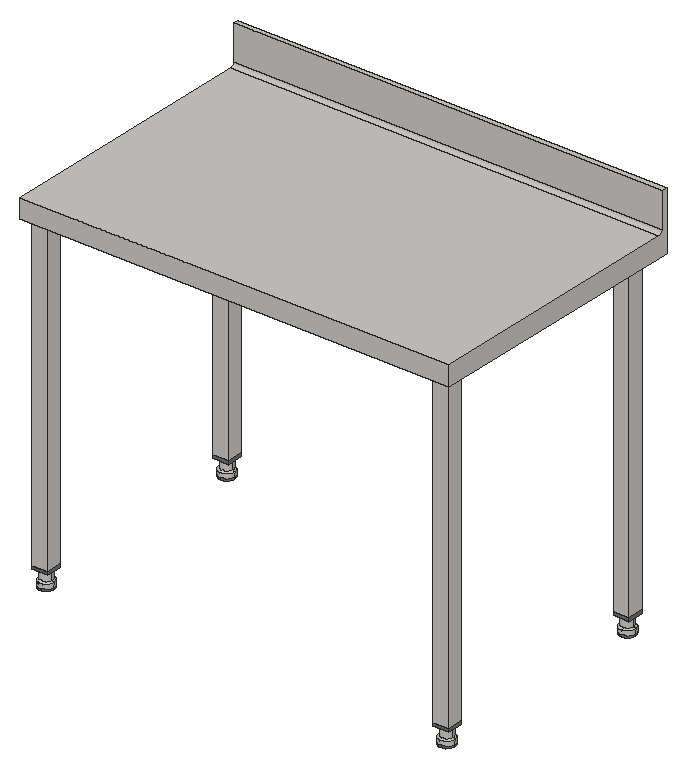
Revit family "QF_ZANUSSI_133232_TG1110N", category Attrezzature speciali, Revit 2020
Family settings
  Quota connettore circolare = Usa diametro
  Tipo di parte = Normale
  Basato su piano di lavoro = No
  Sempre verticale = Sì
  Taglio con vuoti quando caricato = No
  Condiviso = No
  Punto di calcolo locali = No
Parameters (values of type "Standard")
  Weight = 30.60 kg
  Watts = 0 W
  Volts = 0 V
  URL Manufacturer = "http://www.zanussiprofessional.com"
  URL = "http://www.zanussiprofessional.com"
  Steam Supply Size = 0 mm
  Steam Supply Minimum Pressure = 0.0 Pa
  Steam Supply Maximum Pressure = 0.0 Pa
  Steam Consumption per Hour = 0
  Refrigeration Suction Line Size = 0.0 mm
  Refrigeration Liquid Line Size = 0.0 mm
  Refrigerant Compressor Remote = yes
  Prospetto di default = 0.0 mm
  Produttore = "Zanussi"
  Phase = 0
  Modello = "TG1110N"
  Length Actual = 1100.0 mm  # constant formula
  Item Number = "133232"
  Hot Water Size = 0 mm
  Height Actual = 1000.0 mm  # constant formula
  HP = "0 HP"
  Gas Size = 0 mm
  Gas KW = 0
  Gas Input Pressure = 0 W
  Direct Waste Size = 0 mm
  Descrizione = "WORK TABLE WITH UPSTAND 1100 MM"
  Depth Actual = 700.0 mm  # constant formula
  Cycle = 0 Hz
  Condensate Return Size = 0 mm
  Compressed Air Volume = 0.0 L/s
  Compressed Air Size = 0 mm
  Compressed Air Pressure = 0.0 Pa
  Cold Water Size = 0 mm
  Accessory = yes
Reference planes
  plane 1 "Center (Front/Back)": y = 0
  plane 2: z = 0
  plane 3 "Center (Left/Right)": x = -50
  plane 4 "LEFT": x = -600
  plane 5 "RIGHT": x = 500
  plane 6 "BACK": y = 350
  plane 7 "FRONT": y = -350
  plane 8 "Base": z = 850
  plane 9 "TOP": z = 900
  plane 10: x = -564.5
  plane 11: x = 464.5
  plane 12: y = 269.5
  plane 13: y = -310.5
Forms (mm)
  Extrusion 1, solid, material "QF_Finishes_Stainless Steel"
    sketch origin (-50, 0, 0) x (0, 1, 0) y (0, 0, 1)
      loop
        line (-350, 850) -> (350, 850) -> (350, 1000) -> (337, 1000) -> (337, 910)
        arc (337, 910) -> (334.071, 902.929) -> (327, 900) r 10
        line (327, 900) -> (-350, 900) -> (-350, 850)
    from 550 to -550
Lines and regions (mm)
  symbolic lines
    curve 1: line (500, 350, 900) -> (-600, 350, 900)
    curve 2: line (-600, 350, 900) -> (-600, -350, 900)
    curve 3: line (-600, -350, 900) -> (500, -350, 900)
    curve 4: line (500, -350, 900) -> (500, 350, 900)
    curve 5: line (500, 337, 900) -> (-600, 337, 900)
Dimensions and locks
  plane 4 "LEFT" to plane 5 "RIGHT" = 1100.0 mm
  equal spacing: plane 4 "LEFT", plane 3 "Center (Left/Right)", plane 5 "RIGHT"
  locked: plane 8 "Base" to level at 850
  plane 4 "LEFT" to plane 10 = 35.5 mm
  plane 11 to plane 5 "RIGHT" = 35.5 mm
  plane 10 to plane 11 = 1029.0 mm
  locked: Extrusion 1 to level at 1000
  plane 9 "TOP" to level = 900.0 mm
  plane 6 "BACK" to plane 12 = 80.5 mm
  plane 13 to plane 7 "FRONT" = 39.5 mm
  plane 6 "BACK" to plane 7 "FRONT" = 700.0 mm
  plane 12 to plane 13 = 580.0 mm
  equal spacing: plane 6 "BACK", plane 1 "Center (Front/Back)", plane 7 "FRONT"
  aligned and locked: level to plane 2
  aligned and locked: plane 10 to nested 1
  aligned and locked: nested 1 to plane 13
  aligned and locked: plane 11 to nested 2
  aligned and locked: nested 2 to plane 13
  aligned and locked: plane 11 to nested 4
  aligned and locked: nested 4 to plane 12
  aligned and locked: plane 10 to nested 3
  aligned and locked: nested 3 to plane 12
  aligned and locked: Extrusion 1 to plane 4 "LEFT"
  aligned and locked: plane 5 "RIGHT" to Extrusion 1
  aligned and locked: curve 2 to plane 4 "LEFT"
Automatic sketch dimensions
  Extrusion 1 sketch curve to plane 7 "FRONT" = 0.0 mm
  Extrusion 1 sketch curve to plane 9 "TOP" = 0.0 mm
  Extrusion 1 sketch curve to plane 6 "BACK" = 0.0 mm
  Extrusion 1 sketch curve to plane 8 "Base" = 0.0 mm
  plane 9 "TOP" to Extrusion 1 sketch curve = 10.0 mm
  Extrusion 1 sketch curve to plane 6 "BACK" = 13.0 mm
  Extrusion 1 sketch curve to Extrusion 1 sketch curve = 90.0 mm
  curve 3 to plane 7 "FRONT" = 0.0 mm
  curve 5 to plane 5 "RIGHT" = 0.0 mm
  curve 4 to plane 6 "BACK" = 0.0 mm
  curve 5 to plane 6 "BACK" = 13.0 mm
Nested families
  nested 1: "FEET_40x40_APP42" at (-564.5, -310.5, 0), type "FEET_40x40_APP42"
  nested 2: "FEET_40x40_APP42" at (464.5, -310.5, 0), type "FEET_40x40_APP42"
  nested 3: "FEET_40x40_APP42" at (-564.5, 269.5, 0), type "FEET_40x40_APP42"
  nested 4: "FEET_40x40_APP42" at (464.5, 269.5, 0), type "FEET_40x40_APP42"
Definition of nested family "FEET_40x40_APP42"
  Parameters
    Default Elevation = 0.0 mm
    FEET = 850.0 mm
  Reference planes
    plane 1 "Center (Front/Back)": y = 0
    plane 2: z = 0
    plane 3 "Center (Left/Right)": x = 0
    plane 4: z = 850
  Forms (mm)
    Extrusion 1, solid
      sketch origin (0, 0, 0) x (1, 0, 0) y (0, 1, 0)
        loop
          line (-20, -20) -> (20, -20) -> (20, 20) -> (-20, 20) -> (-20, -20)
      from 50 to 845
    Extrusion 2, solid
      sketch origin (0, 0, 0) x (1, 0, 0) y (0, 1, 0)
        loop
          circle (0, 0) r 20
      from 0 to 5
    Extrusion 3, solid
      sketch origin (0, 0, 0) x (1, 0, 0) y (0, 1, 0)
        loop
          line (30, 30) -> (-30, 30) -> (-30, -30) -> (30, -30) -> (30, 30)
      from 845 to 850
    Extrusion 4, solid
      sketch origin (0, 0, 0) x (1, 0, 0) y (0, 1, 0)
        loop
          line (-20, -20) -> (20, -20) -> (20, 20) -> (-20, 20) -> (-20, -20)
      from 50 to 42
    Revolve 5, solid
      sketch origin (0, 0, 0) x (1, 0, 0) y (0, 0, 1)
        loop
          line (0, 42) -> (-15, 42) -> (-15, 20) -> (-20, 15) -> (-20, 5) -> (0, 5) -> (0, 42)
        axis (0, 42) -> (0, 5)
      angle from 0 to 360
  Lines and regions (mm)
    symbolic lines
      curve 1: line (0, -1.503, 0) -> (0, 1.508, 0)
      curve 2: line (1.561, 0, 0) -> (-1.439, 0, 0)
  Dimensions and locks
    "FEET": plane 4 to plane 2
    aligned and locked: level to plane 2
  Automatic sketch dimensions
    plane 1 "Center (Front/Back)" to curve 2 = 0.0 mm
    curve 1 to plane 3 "Center (Left/Right)" = 0.0 mm
    curve 2 to plane 3 "Center (Left/Right)" = 1.439 mm
    plane 3 "Center (Left/Right)" to curve 2 = 1.561 mm
    plane 1 "Center (Front/Back)" to curve 1 = 1.503 mm
    curve 1 to plane 1 "Center (Front/Back)" = 1.508 mm
    Extrusion 1 sketch curve to plane 3 "Center (Left/Right)" = 20.0 mm
    plane 3 "Center (Left/Right)" to Extrusion 1 sketch curve = 20.0 mm
    plane 1 "Center (Front/Back)" to Extrusion 1 sketch curve = 20.0 mm
    Extrusion 1 sketch curve to plane 1 "Center (Front/Back)" = 20.0 mm
    plane 1 "Center (Front/Back)" to Extrusion 2 sketch curve = 0.0 mm
    Extrusion 2 sketch curve to plane 3 "Center (Left/Right)" = 0.0 mm
    Extrusion 3 sketch curve to plane 3 "Center (Left/Right)" = 30.0 mm
    plane 3 "Center (Left/Right)" to Extrusion 3 sketch curve = 30.0 mm
    plane 1 "Center (Front/Back)" to Extrusion 3 sketch curve = 30.0 mm
    Extrusion 3 sketch curve to plane 1 "Center (Front/Back)" = 30.0 mm
    Extrusion 4 sketch curve to plane 3 "Center (Left/Right)" = 20.0 mm
    plane 3 "Center (Left/Right)" to Extrusion 4 sketch curve = 20.0 mm
    plane 1 "Center (Front/Back)" to Extrusion 4 sketch curve = 20.0 mm
    Extrusion 4 sketch curve to plane 1 "Center (Front/Back)" = 20.0 mm
    Revolve 5 sketch curve to plane 3 "Center (Left/Right)" = 0.0 mm  (x2)
    Revolve 5 sketch curve to plane 3 "Center (Left/Right)" = 15.0 mm
    Revolve 5 sketch curve to Revolve 5 sketch curve = 5.0 mm  (x3)
    level to Revolve 5 sketch curve = 5.0 mm
    Revolve 5 sketch curve to Revolve 5 sketch curve = 10.0 mm
    Revolve 5 sketch curve to Revolve 5 sketch curve = 22.0 mm
    Revolve 5 sketch curve to level = 9.561 mm
    radius of Extrusion 2 sketch curve = 20.0 mm
